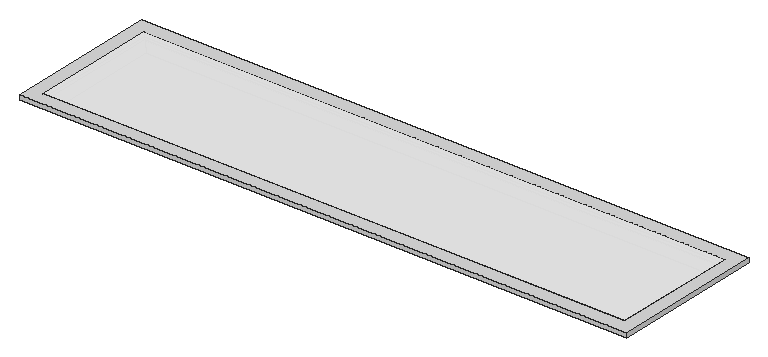
Revit family "Lighting-Troffer-Current-CBT2", category Lighting Fixtures, host Face, Revit 2019
Family settings
  Host = Face
  Round Connector Dimension = Use Diameter
  Part Type = Normal
  OmniClass Number = 23.80.70.11
  OmniClass Title = Luminaries for Internal Lighting
  Cut with Voids When Loaded = No
  Light Source = Yes
  Shared = No
  Room Calculation Point = No
Parameters
  Wattage Comments = "24 - 48W"  # constant formula
  Wattage = 9.2903 W
  built-in parameter 1150110 = 1 (stored number, unit not read)
  Voltage Comments = "120 - 277V"  # constant formula
  Voltage = 120 V  # constant formula
  Version = ""
  URL = "https://www.currentlighting.com/columbialighting"
  Type Comments = "Light Fixture"
  built-in parameter 1114217 = 1 (stored number, unit not read)
  Tilt Angle = -90.00°
  built-in parameter 1150109 = 1 (stored number, unit not read)
  built-in parameter 1150134 = 3
  built-in parameter 1150113 = 1 (stored number, unit not read)
  Product Page URL = "https://www.currentlighting.com/indoor-lighting/cbt/4585474"
  Product Documentation Link = "https://cdn.currentlighting.com/site/specsheet/COL_CBT_A_LSCS_spec.pdf"
  Power Factor = 0.9  # constant formula
  Photometry Note = "Please Load IES File Listed Under Photometric Web File for Accurate Rendering"  # constant formula
  Photometric Web File = "CBT24_A_LSCS_EDD_2PK_5500lm_5000K.ies"
  Mounting = "Please Refer to the Product Spec Sheet for Mounting Options"  # constant formula
  Model = "CBT"
  Manufacturer = "Current Lighting"
  built-in parameter 1150105 = 109.82 (stored number, unit not read)
  Lumens = 1380 lm
  built-in parameter 1150115 = 1 (stored number, unit not read)
  Load Classification = Lighting
  built-in parameter 1150137 = (empty or 0)
  built-in parameter 1150139 = (empty or 0)
  Length = 48.000"
  Width = 12.000"
  built-in parameter 1150112 = 1 (stored number, unit not read)
  built-in parameter 1150114 = 1 (stored number, unit not read)
  Lamp = "LED"  # constant formula
  Installation and Service URL = "https://cdn.currentlighting.com/site/installationmanuals/COL_CBT-Recessed_inst.pdf"
  built-in parameter 1150132 = (empty or 0)
  built-in parameter 1150102 = (empty or 0)
  built-in parameter 1150107 = 3200 (stored number, unit not read)
  built-in parameter 1150138 = (empty or 0)
  built-in parameter 1150106 = 1.0982 (stored number, unit not read)
  Housing Material = Paint - Current - White
  Features = "Switchable Lumen technology: 4400/3300/2750 lumens (1x4 and 2x2) 5500/4400/3300 lumens (2x4). Switchable CCT technology: 3500/4000/5000K. 1x4, 2x2, and 2x4 sizes. 0-10V 1% Dim to Off driver (standard) provides superior dimming capabilities. IC rated. Back-lit design and frosted lens provides smooth, even illumination across the face of the luminaire. All CBT LSCS Generation A units are priced as single units and must be ordered as single units in even quantities, as this product is packed two\r\nfixtures per box."  # constant formula
  built-in parameter 1150127 = Width - 2.000"  # 10.000"
  Emit from Rectangle Length = Length - 2.000"  # 46.000"
  Emit Shape Visible in Rendering = no
  built-in parameter 1150104 = 13.8 (stored number, unit not read)
  Distribution Patterns = "Lambertian"
  Dimming Lamp Color Temperature Shift = <None>
  Dimmimng Protocol = "Dim-to-Off;0-10V;1%"  # constant formula
  Diffuser Material = Diffuser - Current - White
  Description = "The CBT is a lensed troffer with switchable lumen and CCT options to create built-in versatility. Perfect for offices, classrooms and many other applications."
  Default Elevation = 48.000"
  Copyright = "© 2023 HLI Solutions, Inc."  # constant formula
  Controller = "Please Refer to the Product Spec Sheet for Control Options"  # constant formula
  Color Rendering Index = "80"
  Color Filter = 16777215
  built-in parameter 1114218 = 1 (stored number, unit not read)
  Emit from Rectangle Width = 120.000"
  Assembly Code = "D5020200"
  Apparent Load = Wattage  # 9.2903 W
Reference planes (in)
  plane 1 "Center (Front/Back)": y = 0
  plane 2: z = 0
  plane 3 "Center (Left/Right)": x = 0
  plane 4: y = 6
  plane 5: y = -6
  plane 6: x = 24
  plane 7: x = -24
  plane 8: z = -4
  plane 9: x = -22.55
  plane 10: x = 22.55
  plane 11: y = -4.55
  plane 12: y = 4.55
  plane 13: z = -1
  plane 14: z = 0.35
  plane 15: y = 6
  plane 16: x = -24
  plane 17: y = -6
  plane 18: x = 24
  plane 19: x = -23
  plane 20: y = -5
  plane 21: x = 23
  plane 22: y = 5
  plane 23: z = 0.15
  plane 24: z = -0.7
  plane 25 "Power Connector": z = -1
  plane 26: y = 4.7
  plane 27: y = -4.7
  plane 28: x = -22.7
  plane 29: x = 22.7
  plane 30: y = 4.4
  plane 31: y = -4.4
  plane 32: x = 22.4
  plane 33: x = -22.4
Forms (in)
  Extrusion 1, void
    sketch origin (0, 0, 0) x (1, 0, 0) y (0, 1, 0)
      loop
        line (-24, 6) -> (-24, -6) -> (24, -6) -> (24, 6) -> (-24, 6)
    from -1 to 0
  Blend 2, solid, material "Paint - Current - White" <- "Housing Material", detail levels medium+fine
    base sketch origin (0, 0, 0) x (1, 0, 0) y (0, 1, 0)
      loop
        line (-23, 5) -> (-23, -5) -> (23, -5) -> (23, 5) -> (-23, 5)
    top sketch origin (0, 0, 0) x (1, 0, 0) y (0, 1, 0)
      loop
        line (-22.55, 4.55) -> (-22.55, -4.55) -> (22.55, -4.55) -> (22.55, 4.55) -> (-22.55, 4.55)
    from 0 to -1
  Extrusion 3, solid, material "Paint - Current - White" <- "Housing Material", detail levels medium+fine
    sketch origin (0, 0, 0) x (1, 0, 0) y (0, 1, 0)
      loop
        line (-24, 6) -> (-24, -6) -> (24, -6) -> (24, 6) -> (-24, 6)
      loop
        line (-23, 5) -> (-23, -5) -> (23, -5) -> (23, 5) -> (-23, 5)
    from 0 to 0.35
  Extrusion 4, solid, material "Diffuser - Current - White" <- "Diffuser Material", detail levels medium+fine
    sketch origin (0, 0, 0) x (1, 0, 0) y (0, 1, 0)
      loop
        line (-23, 5) -> (-23, -5) -> (23, -5) -> (23, 5) -> (-23, 5)
    from 0.15 to 0.35
  Extrusion 5, solid, material "Paint - Current - White" <- "Housing Material", detail levels coarse
    sketch origin (0, 0, 0) x (1, 0, 0) y (0, 0, 1)
      loop
        line (-24, 0.35) -> (-24, -1) -> (24, -1) -> (24, 0.35) -> (-24, 0.35)
    from -6 to 6
  Blend 6, void
    base sketch origin (0, 0, 0) x (1, 0, 0) y (0, 1, 0)
      loop
        line (-22.7, 4.7) -> (-22.7, -4.7) -> (22.7, -4.7) -> (22.7, 4.7) -> (-22.7, 4.7)
    top sketch origin (0, 0, 0) x (1, 0, 0) y (0, 1, 0)
      loop
        line (-22.4, 4.4) -> (-22.4, -4.4) -> (22.4, -4.4) -> (22.4, 4.4) -> (-22.4, 4.4)
    from 0 to -0.7
Cuts and joins
  Blend 6 cuts Blend 2
Lines and regions (in)
  symbolic lines, detail levels coarse
    curve 1: line (-24, 6, 0) -> (24, 6, 0)
    curve 2: line (-24, -6, 0) -> (-24, 6, 0)
    curve 3: line (24, -6, 0) -> (-24, -6, 0)
    curve 4: line (24, 6, 0) -> (24, -6, 0)
    curve 5: line (-23, 5, 0) -> (23, 5, 0)
    curve 6: line (-23, -5, 0) -> (-23, 5, 0)
    curve 7: line (23, -5, 0) -> (-23, -5, 0)
    curve 8: line (23, 5, 0) -> (23, -5, 0)
Dimensions and locks (in)
  equal spacing: plane 7, plane 3 "Center (Left/Right)", plane 6
  "Length": plane 7 to plane 6
  equal spacing: plane 4, plane 1 "Center (Front/Back)", plane 5
  "Width": plane 4 to plane 5
  locked: host face to plane 8 at 4
  locked: level to plane 13 at 1
  locked: plane 14 to level at 0.35
  equal spacing: plane 16, plane 3 "Center (Left/Right)", plane 18
  equal spacing: plane 15, plane 1 "Center (Front/Back)", plane 17
  "Length": plane 16 to plane 18
  "Width": plane 15 to plane 17
  locked: plane 16 to plane 19 at 1
  locked: plane 21 to plane 18 at 1
  locked: plane 15 to plane 22 at 1
  locked: plane 20 to plane 17 at 1
  locked: plane 19 to plane 9 at 0.45
  locked: plane 10 to plane 21 at 0.45
  locked: plane 11 to plane 20 at 0.45
  locked: plane 22 to plane 12 at 0.45
  locked: plane 23 to level at 0.15
  plane 8 to plane 25 "Power Connector" to Extrusion 3 = 3.000", 1.000" locked
  locked: plane 27 to plane 20 at 0.3
  locked: plane 29 to plane 21 at 0.3
  locked: plane 19 to plane 28 at 0.3
  locked: plane 22 to plane 26 at 0.3
  locked: plane 31 to plane 20 at 0.6
  locked: plane 19 to plane 33 at 0.6
  locked: plane 32 to plane 21 at 0.6
  locked: plane 22 to plane 30 at 0.6
  aligned and locked: plane 2 to host face
  aligned and locked: level to host face
  aligned and locked: Extrusion 1 sketch curve to plane 4
  aligned and locked: plane 7 to Extrusion 1 sketch curve
  aligned and locked: plane 5 to Extrusion 1 sketch curve
  aligned and locked: Extrusion 1 sketch curve to plane 6
  aligned and locked: level to Extrusion 1
  aligned and locked: Blend 2 to level
  aligned and locked: Blend 2 to plane 13
  aligned and locked: Extrusion 3 to level
  aligned and locked: Extrusion 3 to plane 14
  aligned and locked: Extrusion 3 sketch curve to plane 15
  aligned and locked: plane 16 to Extrusion 3 sketch curve
  aligned and locked: plane 17 to Extrusion 3 sketch curve
  aligned and locked: Extrusion 3 sketch curve to plane 18
  aligned and locked: plane 19 to Extrusion 3 sketch curve
  aligned and locked: Extrusion 3 sketch curve to plane 22
  aligned and locked: Extrusion 3 sketch curve to plane 21
  aligned and locked: plane 20 to Extrusion 3 sketch curve
  aligned and locked: plane 19 to Blend 2 sketch curve
  aligned and locked: Blend 2 sketch curve to plane 22
  aligned and locked: Blend 2 sketch curve to plane 21
  aligned and locked: plane 20 to Blend 2 sketch curve
  aligned and locked: Blend 2 sketch curve to plane 12
  aligned and locked: Blend 2 sketch curve to plane 10
  aligned and locked: plane 11 to Blend 2 sketch curve
  aligned and locked: plane 9 to Blend 2 sketch curve
  aligned and locked: Extrusion 4 sketch curve to Blend 2  (x4)
  aligned and locked: plane 23 to Extrusion 4
  aligned and locked: Extrusion 3 to Extrusion 4
  aligned and locked: plane 3 "Center (Left/Right)" to imposter light
  aligned and locked: imposter light to plane 1 "Center (Front/Back)"
  aligned and locked: Extrusion 3 to imposter light
  aligned and locked: plane 25 "Power Connector" to Extrusion 5 sketch curve
  aligned and locked: Extrusion 5 sketch curve to plane 18
  aligned and locked: Extrusion 3 to Extrusion 5
  aligned and locked: Extrusion 5 to Extrusion 3
  aligned and locked: plane 16 to Extrusion 5 sketch curve
  aligned and locked: Extrusion 5 sketch curve to plane 14
  aligned and locked: curve 4 to plane 18
  aligned and locked: plane 16 to curve 2
  aligned and locked: curve 1 to plane 15
  aligned and locked: plane 17 to curve 3
  aligned and locked: plane 19 to curve 6
  aligned and locked: curve 8 to plane 21
  aligned and locked: curve 5 to plane 22
  aligned and locked: plane 20 to curve 7
  aligned and locked: Blend 6 sketch curve to plane 26
  aligned and locked: plane 28 to Blend 6 sketch curve
  aligned and locked: Blend 6 sketch curve to plane 27
  aligned and locked: Blend 6 sketch curve to plane 29
  aligned and locked: Blend 6 sketch curve to plane 30
  aligned and locked: plane 33 to Blend 6 sketch curve
  aligned and locked: plane 31 to Blend 6 sketch curve
  aligned and locked: Blend 6 sketch curve to plane 32
  aligned and locked: Blend 6 to level
  aligned and locked: Blend 6 to plane 24
  aligned and locked: Extrusion 1 to plane 13
Automatic sketch dimensions
  host sketch curve to host sketch curve = 96.000"  (x2)
  Extrusion 1 sketch curve to plane 4 = 0.000"
Connectors (in)
  electrical at (0, 0, -1), driven by "Voltage", driven by "Apparent Load", driven by "Power Factor"
    settings: index 1, voltage 120 V, apparent load 9.2903 W, apparent load phase1 0 W, apparent load phase2 0 W, apparent load phase3 0 W, power factor 0.9, load classification "Other", number of poles 1, system type 30, power factor state 1, is connector primary yes, connector utility no, sub classification motor no, connector description "Light Fixture"
